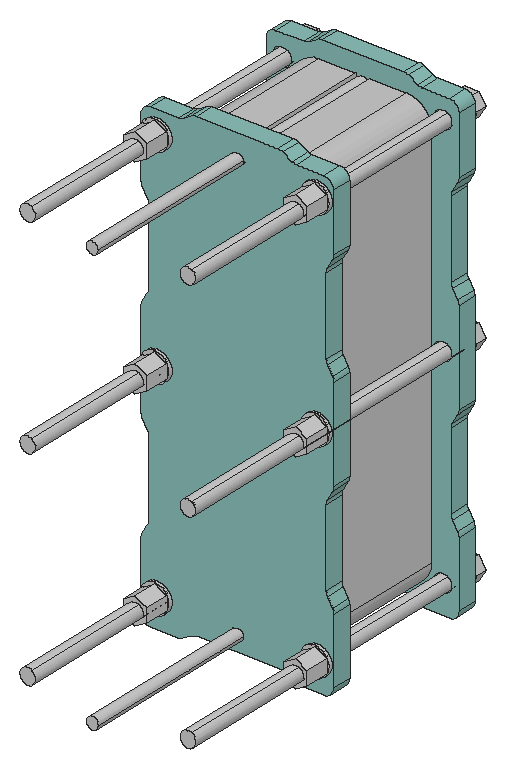
Revit family "Ekin_Endüstriyel - MIT504", category Specialty Equipment, Revit 2022
Family settings
  Round Connector Dimension = Use Diameter
  Part Type = Normal
  Work Plane-Based = No
  Always vertical = No
  Cut with Voids When Loaded = No
  Maintain Annotation Orientation = No
  Shared = No
  Room Calculation Point = No
Parameters (values of type "Threaded")
  URL = "https://en.ekinendustriyel.com/plate-heat-exchanger"
  Type Comments = ""
  Tightening Bolt [instance] = if(Design Pressure < 10.0 bar, 16.00 mm, 16.00 mm)  # 16.00 mm
  Thickness_of_Plate = 0.50 mm  # constant formula
  Number_of_Plate [instance] = 50
  Model = if(Hygienic, if(Design Pressure < 11.0 bar, "H12340000DD30L", if(Design Pressure < 16.0 bar, " H12340000DD30M", " H12340000DD30H")), if(Design Pressure < 10.0 bar, "E12340000DD30L", if(Design Pressure < 16.0 bar, " E12340000DD30M", " E12340000DD30H")))  # " E12340000DD30M"
  Material = Galvanized Steel- S235JR
  Manufacturer = "Ekin Endüstriyel"
  Lk [instance] = (Number_of_Plate) * ((Thickness_of_Plate) + 2.35 mm)  # 142.50 mm
  Lh [instance] = 490.00 mm  # constant formula
  Lf [instance] = 490.00 mm  # constant formula
  Lc [instance] = if(Number_of_Plate < 46, 250.00 mm, if(Number_of_Plate < 76, 350.00 mm, if(Number_of_Plate < 111, 500.00 mm, 750.00 mm)))  # 350.00 mm
  La [instance] = 200.00 mm  # constant formula
  Keynote = ""
  Industrial = not(Hygienic)  # yes
  Hygienic = no
  Head & Follower Plate [instance] = if(Design Pressure < 10.0 bar, 15.00 mm, 20.00 mm)  # 20.00 mm
  Follower Plate [instance] = -(Head & Follower Plate)  # -20.00 mm
  Design Pressure = 15 bar
  Description = if(Design Pressure < 10.0663 bar, "MIT - Heat Exchanger - 10 bar", if(Design Pressure < 15.9958 bar, " MIT - Heat Exchanger - 16 bar", " MIT - Heat Exchanger - 25 bar"))  # " MIT - Heat Exchanger - 16 bar"
  Default Elevation = 0.00 mm
Reference planes
  plane 1 "Center (Front/Back)": y = 0
  plane 2: z = 0
  plane 3 "Center (Left/Right)": x = 0
  plane 4: x = 1160
  plane 5: x = -1000
  plane 6 "2": y = -162.5
  plane 7 "1": y = -20
  plane 8 "3": y = -370
  plane 9 "Bolt End": y = 18.7
  plane 10: y = -350
Forms (mm)
  Extrusion 1, solid, material "Galvanized Steel", detail levels fine
    sketch origin (4.063, 0, 0) x (1, 0, 0) y (0, 0, 1)
      loop
        arc (-46.384, 490) -> (-48.972, 489.659) -> (-51.384, 488.66) r 10
        line (-51.384, 488.66) -> (-60.599, 483.34)
        arc (-60.599, 483.34) -> (-63.011, 482.341) -> (-65.599, 482) r 10
        line (-65.599, 482) -> (-94.063, 482)
        arc (-94.063, 482) -> (-101.134, 479.071) -> (-104.063, 472) r 10
        line (-104.063, 472) -> (-104.063, 411.715)
        arc (-104.063, 411.715) -> (-103.722, 409.127) -> (-102.723, 406.715) r 10
        line (-102.723, 406.715) -> (-97.403, 397.5)
        arc (-97.403, 397.5) -> (-96.404, 395.088) -> (-96.063, 392.5) r 10
        line (-96.063, 392.5) -> (-96.063, 312.5)
        arc (-96.063, 312.5) -> (-96.404, 309.912) -> (-97.403, 307.5) r 10
        line (-97.403, 307.5) -> (-102.723, 298.285)
        arc (-102.723, 298.285) -> (-103.722, 295.873) -> (-104.063, 293.285) r 10
        line (-104.063, 293.285) -> (-104.063, 196.715)
        arc (-104.063, 196.715) -> (-103.722, 194.127) -> (-102.723, 191.715) r 10
        line (-102.723, 191.715) -> (-97.403, 182.5)
        arc (-97.403, 182.5) -> (-96.404, 180.088) -> (-96.063, 177.5) r 10
        line (-96.063, 177.5) -> (-96.063, 97.5)
        arc (-96.063, 97.5) -> (-96.404, 94.912) -> (-97.403, 92.5) r 10
        line (-97.403, 92.5) -> (-102.723, 83.285)
        arc (-102.723, 83.285) -> (-103.722, 80.873) -> (-104.063, 78.285) r 10
        line (-104.063, 78.285) -> (-104.063, 10)
        arc (-104.063, 10) -> (-101.134, 2.929) -> (-94.063, 0) r 10
        line (-94.063, 0) -> (-65.599, 0)
        arc (-65.599, 0) -> (-63.011, 0.341) -> (-60.599, 1.34) r 10
        line (-60.599, 1.34) -> (-51.384, 6.66)
        arc (-51.384, 6.66) -> (-48.972, 7.659) -> (-46.384, 8) r 10
        line (-46.384, 8) -> (38.257, 8)
        arc (38.257, 8) -> (40.846, 7.659) -> (43.257, 6.66) r 10
        line (43.257, 6.66) -> (52.473, 1.34)
        arc (52.473, 1.34) -> (54.885, 0.341) -> (57.473, 0) r 10
        line (57.473, 0) -> (85.937, 0)
        arc (85.937, 0) -> (93.008, 2.929) -> (95.937, 10) r 10
        line (95.937, 10) -> (95.937, 78.285)
        arc (95.937, 78.285) -> (95.596, 80.873) -> (94.597, 83.285) r 10
        line (94.597, 83.285) -> (89.277, 92.5)
        arc (89.277, 92.5) -> (88.278, 94.912) -> (87.937, 97.5) r 10
        line (87.937, 97.5) -> (87.937, 177.5)
        arc (87.937, 177.5) -> (88.278, 180.088) -> (89.277, 182.5) r 10
        line (89.277, 182.5) -> (94.597, 191.715)
        arc (94.597, 191.715) -> (95.596, 194.127) -> (95.937, 196.715) r 10
        line (95.937, 196.715) -> (95.937, 293.285)
        arc (95.937, 293.285) -> (95.596, 295.873) -> (94.597, 298.285) r 10
        line (94.597, 298.285) -> (89.277, 307.5)
        arc (89.277, 307.5) -> (88.278, 309.912) -> (87.937, 312.5) r 10
        line (87.937, 312.5) -> (87.937, 392.5)
        arc (87.937, 392.5) -> (88.278, 395.088) -> (89.277, 397.5) r 10
        line (89.277, 397.5) -> (94.597, 406.715)
        arc (94.597, 406.715) -> (95.596, 409.127) -> (95.937, 411.715) r 10
        line (95.937, 411.715) -> (95.937, 472)
        arc (95.937, 472) -> (93.008, 479.071) -> (85.937, 482) r 10
        line (85.937, 482) -> (57.473, 482)
        arc (57.473, 482) -> (54.885, 482.341) -> (52.473, 483.34) r 10
        line (52.473, 483.34) -> (43.257, 488.66)
        arc (43.257, 488.66) -> (40.846, 489.659) -> (38.257, 490) r 10
        line (38.257, 490) -> (-46.384, 490)
      loop
        circle (78.937, 460) r 9.5
      loop
        circle (-4.063, 465.5) r 6
      loop
        circle (78.937, 245) r 9.5
      loop
        circle (78.937, 30) r 9.5
      loop
        circle (31.937, 54) r 21.25
      loop
        circle (31.937, 436) r 21.25
      loop
        circle (-87.063, 460) r 9.5
      loop
        circle (-87.063, 245) r 9.5
      loop
        circle (-87.063, 30) r 9.5
      loop
        circle (-40.063, 54) r 21.25
      loop
        circle (-40.063, 436) r 21.25
      loop
        circle (-4.063, 24.5) r 6
    from 0 to 20
  Extrusion 2, solid, material "Galvanized Steel", detail levels fine
    sketch origin (4.063, -162.5, 0) x (-1, 0, 0) y (0, 0, 1)
      loop
        line (46.384, 490) -> (-38.257, 490)
        arc (-38.257, 490) -> (-40.846, 489.659) -> (-43.257, 488.66) r 10
        line (-43.257, 488.66) -> (-52.473, 483.34)
        arc (-52.473, 483.34) -> (-54.885, 482.341) -> (-57.473, 482) r 10
        line (-57.473, 482) -> (-85.937, 482)
        arc (-85.937, 482) -> (-93.008, 479.071) -> (-95.937, 472) r 10
        line (-95.937, 472) -> (-95.937, 411.715)
        arc (-95.937, 411.715) -> (-95.596, 409.127) -> (-94.597, 406.715) r 10
        line (-94.597, 406.715) -> (-89.277, 397.5)
        arc (-89.277, 397.5) -> (-88.278, 395.088) -> (-87.937, 392.5) r 10
        line (-87.937, 392.5) -> (-87.937, 312.5)
        arc (-87.937, 312.5) -> (-88.278, 309.912) -> (-89.277, 307.5) r 10
        line (-89.277, 307.5) -> (-94.597, 298.285)
        arc (-94.597, 298.285) -> (-95.596, 295.873) -> (-95.937, 293.285) r 10
        line (-95.937, 293.285) -> (-95.937, 196.715)
        arc (-95.937, 196.715) -> (-95.596, 194.127) -> (-94.597, 191.715) r 10
        line (-94.597, 191.715) -> (-89.277, 182.5)
        arc (-89.277, 182.5) -> (-88.278, 180.088) -> (-87.937, 177.5) r 10
        line (-87.937, 177.5) -> (-87.937, 97.5)
        arc (-87.937, 97.5) -> (-88.278, 94.912) -> (-89.277, 92.5) r 10
        line (-89.277, 92.5) -> (-94.597, 83.285)
        arc (-94.597, 83.285) -> (-95.596, 80.873) -> (-95.937, 78.285) r 10
        line (-95.937, 78.285) -> (-95.937, 10)
        arc (-95.937, 10) -> (-93.008, 2.929) -> (-85.937, 0) r 10
        line (-85.937, 0) -> (-57.473, 0)
        arc (-57.473, 0) -> (-54.885, 0.341) -> (-52.473, 1.34) r 10
        line (-52.473, 1.34) -> (-43.257, 6.66)
        arc (-43.257, 6.66) -> (-40.846, 7.659) -> (-38.257, 8) r 10
        line (-38.257, 8) -> (46.384, 8)
        arc (46.384, 8) -> (48.972, 7.659) -> (51.384, 6.66) r 10
        line (51.384, 6.66) -> (60.599, 1.34)
        arc (60.599, 1.34) -> (63.011, 0.341) -> (65.599, 0) r 10
        line (65.599, 0) -> (94.063, 0)
        arc (94.063, 0) -> (101.134, 2.929) -> (104.063, 10) r 10
        line (104.063, 10) -> (104.063, 78.285)
        arc (104.063, 78.285) -> (103.722, 80.873) -> (102.723, 83.285) r 10
        line (102.723, 83.285) -> (97.403, 92.5)
        arc (97.403, 92.5) -> (96.404, 94.912) -> (96.063, 97.5) r 10
        line (96.063, 97.5) -> (96.063, 177.5)
        arc (96.063, 177.5) -> (96.404, 180.088) -> (97.403, 182.5) r 10
        line (97.403, 182.5) -> (102.723, 191.715)
        arc (102.723, 191.715) -> (103.722, 194.127) -> (104.063, 196.715) r 10
        line (104.063, 196.715) -> (104.063, 293.285)
        arc (104.063, 293.285) -> (103.722, 295.873) -> (102.723, 298.285) r 10
        line (102.723, 298.285) -> (97.403, 307.5)
        arc (97.403, 307.5) -> (96.404, 309.912) -> (96.063, 312.5) r 10
        line (96.063, 312.5) -> (96.063, 392.5)
        arc (96.063, 392.5) -> (96.404, 395.088) -> (97.403, 397.5) r 10
        line (97.403, 397.5) -> (102.723, 406.715)
        arc (102.723, 406.715) -> (103.722, 409.127) -> (104.063, 411.715) r 10
        line (104.063, 411.715) -> (104.063, 472)
        arc (104.063, 472) -> (101.134, 479.071) -> (94.063, 482) r 10
        line (94.063, 482) -> (65.599, 482)
        arc (65.599, 482) -> (63.011, 482.341) -> (60.599, 483.34) r 10
        line (60.599, 483.34) -> (51.384, 488.66)
        arc (51.384, 488.66) -> (48.972, 489.659) -> (46.384, 490) r 10
      loop
        circle (-78.937, 460) r 9.5
      loop
        circle (4.063, 465.5) r 6
      loop
        circle (-78.937, 245) r 9.5
      loop
        circle (-78.937, 30) r 9.5
      loop
        circle (87.063, 460) r 9.5
      loop
        circle (87.063, 245) r 9.5
      loop
        circle (87.063, 30) r 9.5
      loop
        circle (4.063, 24.5) r 6
    from 0 to -20 <- "Follower Plate"
  Extrusion 3, solid, material "AISI 316L/Titanium/Hastelloy", detail levels fine
    sketch origin (0, -20, 0) x (-1, 0, 0) y (0, 0, 1)
      loop
        line (-7.25, 471.5) -> (-45.5, 471.5)
        arc (-45.5, 471.5) -> (-63.178, 464.178) -> (-70.5, 446.5) r 25
        line (-70.5, 446.5) -> (-70.5, 43.5)
        arc (-70.5, 43.5) -> (-63.178, 25.822) -> (-45.5, 18.5) r 25
        line (-45.5, 18.5) -> (-7.25, 18.5) -> (-7.25, 25)
        arc (-7.25, 25) -> (0, 32.25) -> (7.25, 25) r 7.25
        line (7.25, 25) -> (7.25, 18.5) -> (45.5, 18.5)
        arc (45.5, 18.5) -> (63.178, 25.822) -> (70.5, 43.5) r 25
        line (70.5, 43.5) -> (70.5, 446.5)
        arc (70.5, 446.5) -> (63.178, 464.178) -> (45.5, 471.5) r 25
        line (45.5, 471.5) -> (7.25, 471.5) -> (7.25, 465)
        arc (7.25, 465) -> (0, 457.75) -> (-7.25, 465) r 7.25
        line (-7.25, 465) -> (-7.25, 471.5)
    from 0 to -142.5
  Extrusion 4, solid, material "Galvanized Steel- S235JR", detail levels fine
    sketch origin (0, 0, 0) x (1, 0, 0) y (0, 0, 1)
      loop
        circle (0, 465.5) r 6
      loop
        circle (0, 24.5) r 6
    from 0 to 370
  Extrusion 5, solid, material "Galvanized Steel- S235JR", detail levels fine
    sketch origin (0, 0, 0) x (1, 0, 0) y (0, 0, 1)
      loop
        circle (83, 460) r 8
      loop
        circle (83, 245) r 8
      loop
        circle (83, 30) r 8
      loop
        circle (-83, 30) r 8
      loop
        circle (-83, 245) r 8
      loop
        circle (-83, 460) r 8
    from 0 to 350
  Extrusion 6, solid, material "Galvanized Steel- S235JR", detail levels fine
    sketch origin (0, 0, 0) x (1, 0, 0) y (0, 0, 1)
      loop
        circle (-83, 460) r 15
      loop
        circle (-83, 245) r 15
      loop
        circle (-83, 30) r 15
      loop
        circle (83, 30) r 15
      loop
        circle (83, 245) r 15
      loop
        circle (83, 460) r 15
    from 0 to -3.2
  Extrusion 7, solid, material "Galvanized Steel- S235JR", detail levels fine
    sketch origin (4.063, -182.5, 0) x (1, 0, 0) y (0, 0, 1)
      loop
        line (90.937, 453.072) -> (90.937, 466.928) -> (78.937, 473.856) -> (66.937, 466.928) -> (66.937, 453.072) -> (78.937, 446.144) -> (90.937, 453.072)
      loop
        line (-99.063, 453.072) -> (-87.063, 446.144) -> (-75.063, 453.072) -> (-75.063, 466.928) -> (-87.063, 473.856) -> (-99.063, 466.928) -> (-99.063, 453.072)
      loop
        line (90.937, 36.928) -> (78.937, 43.856) -> (66.937, 36.928) -> (66.937, 23.072) -> (78.937, 16.144) -> (90.937, 23.072) -> (90.937, 36.928)
      loop
        line (-99.063, 36.928) -> (-99.063, 23.072) -> (-87.063, 16.144) -> (-75.063, 23.072) -> (-75.063, 36.928) -> (-87.063, 43.856) -> (-99.063, 36.928)
      loop
        line (90.937, 251.928) -> (78.937, 258.856) -> (66.937, 251.928) -> (66.937, 238.072) -> (78.937, 231.144) -> (90.937, 238.072) -> (90.937, 251.928)
      loop
        line (-99.063, 251.928) -> (-99.063, 238.072) -> (-87.063, 231.144) -> (-75.063, 238.072) -> (-75.063, 251.928) -> (-87.063, 258.856) -> (-99.063, 251.928)
    from 3.2 to 28.7
  Extrusion 8, solid, material "Galvanized Steel- S235JR", detail levels fine
    sketch origin (4.063, -182.5, 0) x (1, 0, 0) y (0, 0, 1)
      loop
        circle (78.937, 460) r 15
      loop
        circle (-87.063, 460) r 15
      loop
        circle (-87.063, 245) r 15
      loop
        circle (78.937, 245) r 15
      loop
        circle (78.937, 30) r 15
      loop
        circle (-87.063, 30) r 15
    from 3.2 to 0
  Revolve 9, solid, material "Painted Stell", detail levels fine
    sketch origin (11, -12.95, 54.004) x (0, -1, 0) y (1, 0, 0)
      loop
        line (-47.89, 45.503) -> (-47.89, 43.573) -> (-45.07, 42.376) -> (7.05, 42.376) -> (7.05, 40.74) -> (149.55, 40.74) -> (149.55, 46.201) -> (-28.39, 46.201) -> (-28.903, 45.611) -> (-29.416, 46.201) -> (-29.929, 45.611) -> (-30.442, 46.201) -> (-30.955, 45.611) -> (-31.468, 46.201) -> (-31.98, 45.611) -> (-32.493, 46.201) -> (-33.006, 45.611) -> (-33.519, 46.201) -> (-34.032, 45.611) -> (-34.545, 46.201) -> (-35.178, 45.611) -> (-35.691, 46.201) -> (-36.204, 45.611) -> (-36.716, 46.201) -> (-37.229, 45.611) -> (-37.742, 46.201) -> (-38.255, 45.611) -> (-38.768, 46.201) -> (-39.281, 45.611) -> (-39.794, 46.201) -> (-40.307, 45.611) -> (-40.82, 46.201) -> (-41.333, 45.611) -> (-41.845, 46.201) -> (-42.358, 45.611) -> (-42.871, 46.201) -> (-43.384, 45.611) -> (-43.897, 46.201) -> (-44.41, 45.611) -> (-44.923, 46.201) -> (-45.436, 45.611) -> (-45.949, 46.201) -> (-46.462, 45.611) -> (-47.116, 46.201) -> (-47.89, 45.503)
      axis (149.55, 25) -> (-47.89, 25)
    angle from 0 to 360
  Extrusion 10, solid, material "Galvanized Steel- S235JR", detail levels fine
    sketch origin (0, 0, 0) x (1, 0, 0) y (0, 0, 1)
      loop
        line (-89.802, 472.072) -> (-96.856, 460.146) -> (-90.054, 448.074) -> (-76.198, 447.928) -> (-69.144, 459.854) -> (-75.946, 471.926) -> (-89.802, 472.072)
      loop
        line (89.802, 472.072) -> (75.946, 471.926) -> (69.144, 459.854) -> (76.198, 447.928) -> (90.054, 448.074) -> (96.856, 460.146) -> (89.802, 472.072)
      loop
        line (-89.802, 17.928) -> (-75.946, 18.074) -> (-69.144, 30.146) -> (-76.198, 42.072) -> (-90.054, 41.926) -> (-96.856, 29.854) -> (-89.802, 17.928)
      loop
        line (89.802, 17.928) -> (96.856, 29.854) -> (90.054, 41.926) -> (76.198, 42.072) -> (69.144, 30.146) -> (75.946, 18.074) -> (89.802, 17.928)
      loop
        line (-89.802, 232.928) -> (-75.946, 233.074) -> (-69.144, 245.146) -> (-76.198, 257.072) -> (-90.054, 256.926) -> (-96.856, 244.854) -> (-89.802, 232.928)
      loop
        line (89.802, 232.928) -> (96.856, 244.854) -> (90.054, 256.926) -> (76.198, 257.072) -> (69.144, 245.146) -> (75.946, 233.074) -> (89.802, 232.928)
    from -17.7 to -3.2
  Revolve 11, solid, material "Painted Stell", detail levels fine
    sketch origin (-11, -12.95, 54.004) x (0, 1, 0) y (-1, 0, 0)
      loop
        line (47.89, 45.503) -> (47.116, 46.201) -> (46.462, 45.611) -> (45.949, 46.201) -> (45.436, 45.611) -> (44.923, 46.201) -> (44.41, 45.611) -> (43.897, 46.201) -> (43.384, 45.611) -> (42.871, 46.201) -> (42.358, 45.611) -> (41.845, 46.201) -> (41.333, 45.611) -> (40.82, 46.201) -> (40.307, 45.611) -> (39.794, 46.201) -> (39.281, 45.611) -> (38.768, 46.201) -> (38.255, 45.611) -> (37.742, 46.201) -> (37.229, 45.611) -> (36.716, 46.201) -> (36.204, 45.611) -> (35.691, 46.201) -> (35.178, 45.611) -> (34.545, 46.201) -> (34.032, 45.611) -> (33.519, 46.201) -> (33.006, 45.611) -> (32.493, 46.201) -> (31.98, 45.611) -> (31.468, 46.201) -> (30.955, 45.611) -> (30.442, 46.201) -> (29.929, 45.611) -> (29.416, 46.201) -> (28.903, 45.611) -> (28.39, 46.201) -> (-149.55, 46.201) -> (-149.55, 40.74) -> (-7.05, 40.74) -> (-7.05, 42.376) -> (45.07, 42.376) -> (47.89, 43.573) -> (47.89, 45.503)
      axis (-149.55, 25) -> (47.89, 25)
    angle from 0 to 360
  Revolve 12, solid, material "Painted Stell", detail levels fine
    sketch origin (11, -12.95, 435.996) x (1, 0, 0) y (0, 1, 0)
      loop
        line (45.503, 47.89) -> (43.573, 47.89) -> (42.376, 45.07) -> (42.376, -7.05) -> (40.74, -7.05) -> (40.74, -149.55) -> (46.201, -149.55) -> (46.201, 28.39) -> (45.611, 28.903) -> (46.201, 29.416) -> (45.611, 29.929) -> (46.201, 30.442) -> (45.611, 30.955) -> (46.201, 31.468) -> (45.611, 31.98) -> (46.201, 32.493) -> (45.611, 33.006) -> (46.201, 33.519) -> (45.611, 34.032) -> (46.201, 34.545) -> (45.611, 35.178) -> (46.201, 35.691) -> (45.611, 36.204) -> (46.201, 36.716) -> (45.611, 37.229) -> (46.201, 37.742) -> (45.611, 38.255) -> (46.201, 38.768) -> (45.611, 39.281) -> (46.201, 39.794) -> (45.611, 40.307) -> (46.201, 40.82) -> (45.611, 41.333) -> (46.201, 41.845) -> (45.611, 42.358) -> (46.201, 42.871) -> (45.611, 43.384) -> (46.201, 43.897) -> (45.611, 44.41) -> (46.201, 44.923) -> (45.611, 45.436) -> (46.201, 45.949) -> (45.611, 46.462) -> (46.201, 47.116) -> (45.503, 47.89)
      axis (25, -149.55) -> (25, 47.89)
    angle from 0 to 360
  Revolve 13, solid, material "Painted Stell", detail levels fine
    sketch origin (-11, -12.95, 435.996) x (-1, 0, 0) y (0, -1, 0)
      loop
        line (45.503, -47.89) -> (46.201, -47.116) -> (45.611, -46.462) -> (46.201, -45.949) -> (45.611, -45.436) -> (46.201, -44.923) -> (45.611, -44.41) -> (46.201, -43.897) -> (45.611, -43.384) -> (46.201, -42.871) -> (45.611, -42.358) -> (46.201, -41.845) -> (45.611, -41.333) -> (46.201, -40.82) -> (45.611, -40.307) -> (46.201, -39.794) -> (45.611, -39.281) -> (46.201, -38.768) -> (45.611, -38.255) -> (46.201, -37.742) -> (45.611, -37.229) -> (46.201, -36.716) -> (45.611, -36.204) -> (46.201, -35.691) -> (45.611, -35.178) -> (46.201, -34.545) -> (45.611, -34.032) -> (46.201, -33.519) -> (45.611, -33.006) -> (46.201, -32.493) -> (45.611, -31.98) -> (46.201, -31.468) -> (45.611, -30.955) -> (46.201, -30.442) -> (45.611, -29.929) -> (46.201, -29.416) -> (45.611, -28.903) -> (46.201, -28.39) -> (46.201, 149.55) -> (40.74, 149.55) -> (40.74, 7.05) -> (42.376, 7.05) -> (42.376, -45.07) -> (43.573, -47.89) -> (45.503, -47.89)
      axis (25, 149.55) -> (25, -47.89)
    angle from 0 to 360
  Extrusion 14, solid, material "Galvanized Steel", detail levels medium
    sketch origin (4.063, 0, 0) x (1, 0, 0) y (0, 0, 1)
      loop
        arc (-46.384, 490) -> (-48.972, 489.659) -> (-51.384, 488.66) r 10
        line (-51.384, 488.66) -> (-60.599, 483.34)
        arc (-60.599, 483.34) -> (-63.011, 482.341) -> (-65.599, 482) r 10
        line (-65.599, 482) -> (-94.063, 482)
        arc (-94.063, 482) -> (-101.134, 479.071) -> (-104.063, 472) r 10
        line (-104.063, 472) -> (-104.063, 10)
        arc (-104.063, 10) -> (-101.134, 2.929) -> (-94.063, 0) r 10
        line (-94.063, 0) -> (-65.599, 0)
        arc (-65.599, 0) -> (-63.011, 0.341) -> (-60.599, 1.34) r 10
        line (-60.599, 1.34) -> (-51.384, 6.66)
        arc (-51.384, 6.66) -> (-48.972, 7.659) -> (-46.384, 8) r 10
        line (-46.384, 8) -> (38.257, 8)
        arc (38.257, 8) -> (40.846, 7.659) -> (43.257, 6.66) r 10
        line (43.257, 6.66) -> (52.473, 1.34)
        arc (52.473, 1.34) -> (54.885, 0.341) -> (57.473, 0) r 10
        line (57.473, 0) -> (85.937, 0)
        arc (85.937, 0) -> (93.008, 2.929) -> (95.937, 10) r 10
        line (95.937, 10) -> (95.937, 472)
        arc (95.937, 472) -> (93.008, 479.071) -> (85.937, 482) r 10
        line (85.937, 482) -> (57.473, 482)
        arc (57.473, 482) -> (54.885, 482.341) -> (52.473, 483.34) r 10
        line (52.473, 483.34) -> (43.257, 488.66)
        arc (43.257, 488.66) -> (40.846, 489.659) -> (38.257, 490) r 10
        line (38.257, 490) -> (-46.384, 490)
      loop
        circle (78.937, 460) r 9.5
      loop
        circle (-4.063, 465.5) r 6
      loop
        circle (78.937, 245) r 9.5
      loop
        circle (78.937, 30) r 9.5
      loop
        circle (31.937, 54) r 21.25
      loop
        circle (31.937, 436) r 21.25
      loop
        circle (-87.063, 460) r 9.5
      loop
        circle (-87.063, 245) r 9.5
      loop
        circle (-87.063, 30) r 9.5
      loop
        circle (-40.063, 54) r 21.25
      loop
        circle (-40.063, 436) r 21.25
      loop
        circle (-4.063, 24.5) r 6
    from 0 to 20
  Extrusion 15, solid, material "Galvanized Steel", detail levels medium
    sketch origin (4.063, -162.5, 0) x (-1, 0, 0) y (0, 0, 1)
      loop
        line (46.384, 490) -> (-38.257, 490)
        arc (-38.257, 490) -> (-40.846, 489.659) -> (-43.257, 488.66) r 10
        line (-43.257, 488.66) -> (-52.473, 483.34)
        arc (-52.473, 483.34) -> (-54.885, 482.341) -> (-57.473, 482) r 10
        line (-57.473, 482) -> (-85.937, 482)
        arc (-85.937, 482) -> (-93.008, 479.071) -> (-95.937, 472) r 10
        line (-95.937, 472) -> (-95.937, 10)
        arc (-95.937, 10) -> (-93.008, 2.929) -> (-85.937, 0) r 10
        line (-85.937, 0) -> (-57.473, 0)
        arc (-57.473, 0) -> (-54.885, 0.341) -> (-52.473, 1.34) r 10
        line (-52.473, 1.34) -> (-43.257, 6.66)
        arc (-43.257, 6.66) -> (-40.846, 7.659) -> (-38.257, 8) r 10
        line (-38.257, 8) -> (46.384, 8)
        arc (46.384, 8) -> (48.972, 7.659) -> (51.384, 6.66) r 10
        line (51.384, 6.66) -> (60.599, 1.34)
        arc (60.599, 1.34) -> (63.011, 0.341) -> (65.599, 0) r 10
        line (65.599, 0) -> (94.063, 0)
        arc (94.063, 0) -> (101.134, 2.929) -> (104.063, 10) r 10
        line (104.063, 10) -> (104.063, 472)
        arc (104.063, 472) -> (101.134, 479.071) -> (94.063, 482) r 10
        line (94.063, 482) -> (65.599, 482)
        arc (65.599, 482) -> (63.011, 482.341) -> (60.599, 483.34) r 10
        line (60.599, 483.34) -> (51.384, 488.66)
        arc (51.384, 488.66) -> (48.972, 489.659) -> (46.384, 490) r 10
      loop
        circle (-78.937, 460) r 9.5
      loop
        circle (4.063, 465.5) r 6
      loop
        circle (-78.937, 245) r 9.5
      loop
        circle (-78.937, 30) r 9.5
      loop
        circle (87.063, 460) r 9.5
      loop
        circle (87.063, 245) r 9.5
      loop
        circle (87.063, 30) r 9.5
      loop
        circle (4.063, 24.5) r 6
    from 0 to -20 <- "Follower Plate"
  Extrusion 16, solid, material "AISI 316L/Titanium/Hastelloy", detail levels medium
    sketch origin (0, -20, 0) x (-1, 0, 0) y (0, 0, 1)
      loop
        line (-7.25, 471.5) -> (-45.5, 471.5) -> (-70.5, 446.5) -> (-70.5, 43.5) -> (-45.5, 18.5) -> (-7.25, 18.5) -> (-7.25, 25)
        arc (-7.25, 25) -> (0, 32.25) -> (7.25, 25) r 7.25
        line (7.25, 25) -> (7.25, 18.5) -> (45.5, 18.5) -> (70.5, 43.5) -> (70.5, 446.5) -> (45.5, 471.5) -> (7.25, 471.5) -> (7.25, 465)
        arc (7.25, 465) -> (0, 457.75) -> (-7.25, 465) r 7.25
        line (-7.25, 465) -> (-7.25, 471.5)
    from 0 to -142.5
  Extrusion 17, solid, material "Galvanized Steel- S235JR", detail levels medium
    sketch origin (0, 0, 0) x (1, 0, 0) y (0, 0, 1)
      loop
        circle (0, 465.5) r 6
      loop
        circle (0, 24.5) r 6
    from 0 to 370
  Extrusion 18, solid, material "Galvanized Steel- S235JR", detail levels medium
    sketch origin (0, 0, 0) x (1, 0, 0) y (0, 0, 1)
      loop
        circle (83, 460) r 8
      loop
        circle (83, 245) r 8
      loop
        circle (83, 30) r 8
      loop
        circle (-83, 30) r 8
      loop
        circle (-83, 245) r 8
      loop
        circle (-83, 460) r 8
    from 0 to 350
  Extrusion 19, solid, material "Galvanized Steel- S235JR", detail levels medium
    sketch origin (0, 0, 0) x (1, 0, 0) y (0, 0, 1)
      loop
        circle (-83, 460) r 15
      loop
        circle (-83, 245) r 15
      loop
        circle (-83, 30) r 15
      loop
        circle (83, 30) r 15
      loop
        circle (83, 245) r 15
      loop
        circle (83, 460) r 15
    from 0 to -3.2
  Revolve 20, solid, material "Painted Stell", detail levels medium
    sketch origin (11, -12.95, 54.004) x (0, -1, 0) y (1, 0, 0)
      loop
        line (-47.89, 46.201) -> (-47.89, 42.376) -> (7.05, 42.376) -> (7.05, 40.74) -> (149.55, 40.74) -> (149.55, 46.201) -> (-47.89, 46.201)
      axis (149.55, 25) -> (-47.89, 25)
    angle from 0 to 360
  Extrusion 21, solid, material "Galvanized Steel- S235JR", detail levels medium
    sketch origin (0, 0, 0) x (1, 0, 0) y (0, 0, 1)
      loop
        line (-89.802, 472.072) -> (-96.856, 460.146) -> (-90.054, 448.074) -> (-76.198, 447.928) -> (-69.144, 459.854) -> (-75.946, 471.926) -> (-89.802, 472.072)
      loop
        line (89.802, 472.072) -> (75.946, 471.926) -> (69.144, 459.854) -> (76.198, 447.928) -> (90.054, 448.074) -> (96.856, 460.146) -> (89.802, 472.072)
      loop
        line (-89.802, 17.928) -> (-75.946, 18.074) -> (-69.144, 30.146) -> (-76.198, 42.072) -> (-90.054, 41.926) -> (-96.856, 29.854) -> (-89.802, 17.928)
      loop
        line (89.802, 17.928) -> (96.856, 29.854) -> (90.054, 41.926) -> (76.198, 42.072) -> (69.144, 30.146) -> (75.946, 18.074) -> (89.802, 17.928)
      loop
        line (-89.802, 232.928) -> (-75.946, 233.074) -> (-69.144, 245.146) -> (-76.198, 257.072) -> (-90.054, 256.926) -> (-96.856, 244.854) -> (-89.802, 232.928)
      loop
        line (89.802, 232.928) -> (96.856, 244.854) -> (90.054, 256.926) -> (76.198, 257.072) -> (69.144, 245.146) -> (75.946, 233.074) -> (89.802, 232.928)
    from -17.7 to -3.2
  Revolve 22, solid, material "Painted Stell", detail levels medium
    sketch origin (-11, -12.95, 54.004) x (0, 1, 0) y (-1, 0, 0)
      loop
        line (47.89, 46.201) -> (-149.55, 46.201) -> (-149.55, 40.74) -> (-7.05, 40.74) -> (-7.05, 42.376) -> (47.89, 42.376) -> (47.89, 46.201)
      axis (-149.55, 25) -> (47.89, 25)
    angle from 0 to 360
  Revolve 23, solid, material "Painted Stell", detail levels medium
    sketch origin (11, -12.95, 435.996) x (1, 0, 0) y (0, 1, 0)
      loop
        line (46.201, 47.89) -> (42.376, 47.89) -> (42.376, -7.05) -> (40.74, -7.05) -> (40.74, -149.55) -> (46.201, -149.55) -> (46.201, 47.89)
      axis (25, -149.55) -> (25, 47.89)
    angle from 0 to 360
  Revolve 24, solid, material "Painted Stell", detail levels medium
    sketch origin (-11, -12.95, 435.996) x (-1, 0, 0) y (0, -1, 0)
      loop
        line (46.201, -47.89) -> (46.201, 149.55) -> (40.74, 149.55) -> (40.74, 7.05) -> (42.376, 7.05) -> (42.376, -47.89) -> (46.201, -47.89)
      axis (25, 149.55) -> (25, -47.89)
    angle from 0 to 360
  Extrusion 25, solid, material "Galvanized Steel", detail levels coarse
    sketch origin (4.063, 0, 0) x (1, 0, 0) y (0, 0, 1)
      loop
        line (-104.063, 490) -> (-104.063, 0) -> (95.937, 0) -> (95.937, 490) -> (-104.063, 490)
      loop
        circle (78.937, 460) r 9.5
      loop
        circle (-4.063, 465.5) r 6
      loop
        circle (78.937, 245) r 9.5
      loop
        circle (78.937, 30) r 9.5
      loop
        circle (31.937, 54) r 21.25
      loop
        circle (31.937, 436) r 21.25
      loop
        circle (-87.063, 460) r 9.5
      loop
        circle (-87.063, 245) r 9.5
      loop
        circle (-87.063, 30) r 9.5
      loop
        circle (-40.063, 54) r 21.25
      loop
        circle (-40.063, 436) r 21.25
      loop
        circle (-4.063, 24.5) r 6
    from 0 to 20
  Extrusion 26, solid, material "Galvanized Steel", detail levels coarse
    sketch origin (4.063, -162.5, 0) x (-1, 0, 0) y (0, 0, 1)
      loop
        line (104.063, 490) -> (-95.937, 490) -> (-95.937, 0) -> (104.063, 0) -> (104.063, 490)
      loop
        circle (-78.937, 460) r 9.5
      loop
        circle (4.063, 465.5) r 6
      loop
        circle (-78.937, 245) r 9.5
      loop
        circle (-78.937, 30) r 9.5
      loop
        circle (87.063, 460) r 9.5
      loop
        circle (87.063, 245) r 9.5
      loop
        circle (87.063, 30) r 9.5
      loop
        circle (4.063, 24.5) r 6
    from 0 to -20 <- "Follower Plate"
  Extrusion 27, solid, material "AISI 316L/Titanium/Hastelloy", detail levels coarse
    sketch origin (0, -20, 0) x (-1, 0, 0) y (0, 0, 1)
      loop
        line (-7.25, 471.5) -> (-70.5, 471.5) -> (-70.5, 18.5) -> (-7.25, 18.5) -> (-7.25, 25)
        arc (-7.25, 25) -> (0, 32.25) -> (7.25, 25) r 7.25
        line (7.25, 25) -> (7.25, 18.5) -> (70.5, 18.5) -> (70.5, 471.5) -> (7.25, 471.5) -> (7.25, 465)
        arc (7.25, 465) -> (0, 457.75) -> (-7.25, 465) r 7.25
        line (-7.25, 465) -> (-7.25, 471.5)
    from 0 to -142.5
  Extrusion 28, solid, material "Galvanized Steel- S235JR", detail levels coarse
    sketch origin (0, 0, 0) x (1, 0, 0) y (0, 0, 1)
      loop
        circle (0, 465.5) r 6
      loop
        circle (0, 24.5) r 6
    from 0 to 370
  Extrusion 29, solid, material "Galvanized Steel- S235JR", detail levels coarse
    sketch origin (0, 0, 0) x (1, 0, 0) y (0, 0, 1)
      loop
        circle (83, 460) r 8
      loop
        circle (83, 245) r 8
      loop
        circle (83, 30) r 8
      loop
        circle (-83, 30) r 8
      loop
        circle (-83, 245) r 8
      loop
        circle (-83, 460) r 8
    from 0 to 350
  Extrusion 30, solid, material "AISI 316L/Titanium/Hastelloy", detail levels coarse
    sketch origin (4.063, 0, 0) x (-1, 0, 0) y (0, 0, 1)
      loop
        circle (-31.937, 435.996) r 21.201
      loop
        circle (40.063, 435.996) r 21.201
      loop
        circle (40.063, 54.004) r 21.201
      loop
        circle (-31.937, 54.004) r 21.201
    from 0 to 34.94
Dimensions and locks
  "Lk": plane 7 "1" to plane 6 "2"
  "Head & Follower Plate": plane 1 "Center (Front/Back)" to plane 7 "1"
  "Lc": plane 7 "1" to plane 8 "3"
  "Lc": plane 10 to plane 1 "Center (Front/Back)"
  aligned and locked: level to plane 2
  aligned and locked: Extrusion 1 to plane 7 "1"
  aligned and locked: Extrusion 1 to plane 1 "Center (Front/Back)"
  aligned and locked: Extrusion 3 to plane 6 "2"
  aligned and locked: plane 7 "1" to Extrusion 3
  aligned and locked: Extrusion 4 to plane 1 "Center (Front/Back)"
  aligned and locked: plane 10 to Extrusion 5
  aligned and locked: Extrusion 5 to plane 1 "Center (Front/Back)"
  aligned and locked: Revolve 9 sketch curve to Extrusion 2
  aligned and locked: Extrusion 4 to plane 8 "3"
  aligned and locked: Revolve 20 sketch curve to Extrusion 15
  aligned and locked: Extrusion 16 to Extrusion 15
  aligned and locked: Extrusion 27 to Extrusion 26
  aligned and locked: Extrusion 29 to Extrusion 5
  aligned and locked: Extrusion 18 to Extrusion 5
  aligned and locked: Extrusion 17 to Extrusion 4
  aligned and locked: Extrusion 28 to Extrusion 4
  aligned and locked: Revolve 12 sketch curve to Extrusion 1
  aligned and locked: Extrusion 1 to Revolve 13 sketch curve
  aligned and locked: Extrusion 1 to Revolve 11 sketch curve
  aligned and locked: Revolve 23 sketch curve to Extrusion 14
  aligned and locked: Revolve 20 sketch curve to Extrusion 14
  aligned and locked: Extrusion 14 to Revolve 24 sketch curve
  aligned and locked: Extrusion 14 to Revolve 22 sketch curve
Automatic sketch dimensions
  Extrusion 1 sketch curve to Extrusion 1 sketch curve = 0.00 mm  (x25)
  Extrusion 1 sketch curve to level = 0.00 mm  (x2)
  Extrusion 1 sketch curve to plane 3 "Center (Left/Right)" = 0.00 mm  (x2)
  Extrusion 1 sketch curve to plane 3 "Center (Left/Right)" = 36.00 mm  (x2)
  level to Extrusion 1 sketch curve = 8.00 mm
  Extrusion 1 sketch curve to plane 3 "Center (Left/Right)" = 42.321 mm  (x2)
  Extrusion 1 sketch curve to Extrusion 1 sketch curve = 5.00 mm  (x5)
  level to Extrusion 1 sketch curve = 6.66 mm  (x2)
  Extrusion 1 sketch curve to Extrusion 1 sketch curve = 9.215 mm  (x12)
  level to Extrusion 1 sketch curve = 1.34 mm  (x2)
  level to Extrusion 1 sketch curve = 10.00 mm  (x2)
  Extrusion 1 sketch curve to Extrusion 1 sketch curve = 21.464 mm  (x4)
  Extrusion 1 sketch curve to plane 3 "Center (Left/Right)" = 83.00 mm
  Extrusion 1 sketch curve to Extrusion 1 sketch curve = 7.00 mm  (x10)
  Extrusion 1 sketch curve to Extrusion 1 sketch curve = 28.464 mm  (x2)
  Extrusion 1 sketch curve to Extrusion 1 sketch curve = 2.00 mm  (x6)
  Extrusion 1 sketch curve to Extrusion 1 sketch curve = 1.34 mm  (x15)
  Extrusion 1 sketch curve to Extrusion 1 sketch curve = 8.66 mm  (x11)
  Extrusion 1 sketch curve to Extrusion 1 sketch curve = 10.00 mm  (x7)
  plane 3 "Center (Left/Right)" to Extrusion 1 sketch curve = 36.00 mm  (x2)
  Extrusion 1 sketch curve to level = 2.00 mm
  plane 3 "Center (Left/Right)" to Extrusion 1 sketch curve = 42.321 mm  (x2)
  plane 3 "Center (Left/Right)" to Extrusion 1 sketch curve = 83.00 mm
  level to Extrusion 1 sketch curve = 24.50 mm
  Extrusion 1 sketch curve to Extrusion 1 sketch curve = 20.00 mm  (x2)
  Extrusion 1 sketch curve to Extrusion 1 sketch curve = 29.50 mm  (x3)
  Extrusion 1 sketch curve to Extrusion 1 sketch curve = 24.285 mm  (x2)
  Extrusion 1 sketch curve to Extrusion 1 sketch curve = 48.285 mm  (x5)
  Extrusion 1 sketch curve to Extrusion 1 sketch curve = 80.00 mm  (x4)
  Extrusion 1 sketch curve to Extrusion 1 sketch curve = 24.00 mm  (x2)
  Extrusion 1 sketch curve to Extrusion 1 sketch curve = 12.00 mm  (x2)
  Extrusion 1 sketch curve to plane 3 "Center (Left/Right)" = 6.00 mm  (x2)
  Extrusion 1 sketch curve to plane 3 "Center (Left/Right)" = 14.75 mm  (x2)
  Extrusion 1 sketch curve to Extrusion 1 sketch curve = 9.50 mm  (x6)
  plane 3 "Center (Left/Right)" to Extrusion 1 sketch curve = 14.75 mm  (x2)
  Extrusion 2 sketch curve to Extrusion 2 sketch curve = 0.00 mm  (x16)
  Extrusion 2 sketch curve to level = 0.00 mm  (x2)
  Extrusion 2 sketch curve to plane 3 "Center (Left/Right)" = 0.00 mm  (x2)
  Extrusion 2 sketch curve to level = 2.00 mm
  plane 3 "Center (Left/Right)" to Extrusion 2 sketch curve = 42.321 mm  (x2)
  Extrusion 2 sketch curve to Extrusion 2 sketch curve = 5.00 mm  (x7)
  level to Extrusion 2 sketch curve = 6.66 mm  (x2)
  Extrusion 2 sketch curve to Extrusion 2 sketch curve = 9.215 mm  (x12)
  level to Extrusion 2 sketch curve = 1.34 mm  (x2)
  plane 3 "Center (Left/Right)" to Extrusion 2 sketch curve = 83.00 mm
  Extrusion 2 sketch curve to Extrusion 2 sketch curve = 21.464 mm  (x4)
  Extrusion 2 sketch curve to Extrusion 2 sketch curve = 28.464 mm  (x2)
  Extrusion 2 sketch curve to Extrusion 2 sketch curve = 7.00 mm  (x10)
  Extrusion 2 sketch curve to Extrusion 2 sketch curve = 2.00 mm  (x6)
  Extrusion 2 sketch curve to Extrusion 2 sketch curve = 1.34 mm  (x14)
  Extrusion 2 sketch curve to Extrusion 2 sketch curve = 8.66 mm  (x11)
  level to Extrusion 2 sketch curve = 10.00 mm  (x2)
  Extrusion 2 sketch curve to Extrusion 2 sketch curve = 10.00 mm  (x7)
  Extrusion 2 sketch curve to plane 3 "Center (Left/Right)" = 42.321 mm  (x2)
  Extrusion 2 sketch curve to plane 3 "Center (Left/Right)" = 83.00 mm
  level to Extrusion 2 sketch curve = 24.50 mm
  Extrusion 2 sketch curve to Extrusion 2 sketch curve = 20.00 mm  (x2)
  Extrusion 2 sketch curve to Extrusion 2 sketch curve = 48.285 mm  (x8)
  Extrusion 2 sketch curve to Extrusion 2 sketch curve = 80.00 mm  (x4)
  Extrusion 2 sketch curve to Extrusion 2 sketch curve = 5.50 mm
  Extrusion 2 sketch curve to Extrusion 2 sketch curve = 12.00 mm  (x2)
  plane 3 "Center (Left/Right)" to Extrusion 2 sketch curve = 6.00 mm  (x2)
  Extrusion 2 sketch curve to Extrusion 2 sketch curve = 9.50 mm  (x6)
  Extrusion 3 sketch curve to plane 3 "Center (Left/Right)" = 0.00 mm  (x2)
  plane 3 "Center (Left/Right)" to Extrusion 3 sketch curve = 7.25 mm  (x2)
  Extrusion 3 sketch curve to Extrusion 3 sketch curve = 38.25 mm  (x4)
  Extrusion 3 sketch curve to Extrusion 3 sketch curve = 25.00 mm  (x3)
  level to Extrusion 3 sketch curve = 18.50 mm  (x2)
  Extrusion 3 sketch curve to Extrusion 3 sketch curve = 6.50 mm  (x2)
  Extrusion 3 sketch curve to Extrusion 3 sketch curve = 403.00 mm
  Extrusion 4 sketch curve to Extrusion 4 sketch curve = 0.00 mm  (x4)
  Extrusion 4 sketch curve to plane 3 "Center (Left/Right)" = 0.00 mm  (x2)
  level to Extrusion 4 sketch curve = 24.50 mm
  Extrusion 4 sketch curve to Extrusion 4 sketch curve = 441.00 mm
  Extrusion 4 sketch curve to plane 3 "Center (Left/Right)" = 6.00 mm  (x2)
  Extrusion 5 sketch curve to Extrusion 5 sketch curve = 0.00 mm  (x14)
  Extrusion 5 sketch curve to plane 3 "Center (Left/Right)" = 83.00 mm  (x3)
  level to Extrusion 5 sketch curve = 30.00 mm  (x2)
  plane 3 "Center (Left/Right)" to Extrusion 5 sketch curve = 83.00 mm  (x3)
  Extrusion 5 sketch curve to Extrusion 5 sketch curve = 215.00 mm  (x2)
  Extrusion 5 sketch curve to Extrusion 5 sketch curve = 4.073 mm  (x12)
  Extrusion 5 sketch curve to Extrusion 5 sketch curve = 6.886 mm  (x6)
  Extrusion 6 sketch curve to Extrusion 6 sketch curve = 0.00 mm  (x14)
  Extrusion 6 sketch curve to plane 3 "Center (Left/Right)" = 83.00 mm  (x3)
  level to Extrusion 6 sketch curve = 30.00 mm  (x2)
  plane 3 "Center (Left/Right)" to Extrusion 6 sketch curve = 83.00 mm  (x3)
  Extrusion 6 sketch curve to Extrusion 6 sketch curve = 215.00 mm  (x2)
  Extrusion 6 sketch curve to Extrusion 6 sketch curve = 12.199 mm  (x12)
  Extrusion 6 sketch curve to Extrusion 6 sketch curve = 8.728 mm  (x6)
  Extrusion 2 to Extrusion 7 sketch curve = 3.00 mm  (x6)
  Extrusion 7 sketch curve to Extrusion 2 = 9.00 mm  (x12)
  Extrusion 7 sketch curve to Extrusion 7 sketch curve = 12.00 mm  (x3)
  Extrusion 7 sketch curve to Extrusion 2 = 21.00 mm  (x3)
  Extrusion 7 sketch curve to Extrusion 2 = 8.144 mm  (x4)
  Extrusion 7 sketch curve to Extrusion 7 sketch curve = 6.928 mm  (x16)
  Extrusion 7 sketch curve to Extrusion 7 sketch curve = 13.856 mm  (x12)
  Extrusion 7 sketch curve to Extrusion 7 sketch curve = 187.287 mm
  Extrusion 7 sketch curve to Extrusion 7 sketch curve = 0.00 mm
  Extrusion 7 sketch curve to Extrusion 2 = 35.856 mm  (x2)
  Extrusion 8 sketch curve to Extrusion 8 sketch curve = 0.00 mm  (x6)
  Extrusion 2 to Extrusion 8 sketch curve = 3.199 mm  (x6)
  Extrusion 8 sketch curve to Extrusion 2 = 13.272 mm  (x2)
  Extrusion 8 sketch curve to Extrusion 8 sketch curve = 12.199 mm  (x4)
  Revolve 9 sketch curve to plane 9 "Bolt End" = 3.26 mm
  Revolve 9 sketch curve to Revolve 9 sketch curve = 0.513 mm  (x31)
  Revolve 9 sketch curve to plane 9 "Bolt End" = 0.695 mm
  Revolve 9 sketch curve to plane 9 "Bolt End" = 0.182 mm
  plane 9 "Bolt End" to Revolve 9 sketch curve = 0.33 mm
  Revolve 9 sketch curve to Revolve 9 sketch curve = 0.633 mm
  Revolve 9 sketch curve to Revolve 9 sketch curve = 0.66 mm
  Revolve 9 sketch curve to Revolve 9 sketch curve = 0.654 mm
  Revolve 9 sketch curve to Revolve 9 sketch curve = 1.428 mm
  plane 3 "Center (Left/Right)" to Revolve 9 sketch curve = 51.74 mm
  Revolve 9 sketch curve to Revolve 9 sketch curve = 1.636 mm
  Revolve 9 sketch curve to Revolve 9 sketch curve = 1.197 mm
  Revolve 9 sketch curve to Revolve 9 sketch curve = 1.93 mm
  Revolve 9 sketch curve to Revolve 9 sketch curve = 3.235 mm
  Revolve 9 sketch curve to Revolve 9 sketch curve = 0.00 mm  (x16)
  Revolve 9 sketch curve to Revolve 9 sketch curve = 0.108 mm
  Revolve 9 sketch curve to Revolve 9 sketch curve = 0.59 mm  (x19)
  Revolve 9 sketch curve to Revolve 9 sketch curve = 12.107 mm
  Revolve 9 sketch curve to plane 6 "2" = 11.40 mm
  Revolve 9 sketch curve to Revolve 9 sketch curve = 15.74 mm
  level to Extrusion 10 sketch curve = 29.854 mm  (x2)
  Extrusion 10 sketch curve to plane 3 "Center (Left/Right)" = 96.856 mm  (x3)
  Extrusion 10 sketch curve to Extrusion 10 sketch curve = 6.802 mm  (x7)
  level to Extrusion 10 sketch curve = 41.926 mm  (x2)
  level to Extrusion 10 sketch curve = 17.928 mm  (x2)
  Extrusion 10 sketch curve to Extrusion 10 sketch curve = 7.054 mm  (x11)
  Extrusion 10 sketch curve to Extrusion 10 sketch curve = 13.856 mm  (x12)
  level to Extrusion 10 sketch curve = 18.074 mm  (x2)
  level to Extrusion 10 sketch curve = 30.146 mm  (x2)
  plane 3 "Center (Left/Right)" to Extrusion 10 sketch curve = 69.144 mm  (x3)
  Extrusion 10 sketch curve to Extrusion 10 sketch curve = 11.926 mm  (x8)
  Extrusion 10 sketch curve to Extrusion 10 sketch curve = 191.001 mm
  Extrusion 10 sketch curve to Extrusion 10 sketch curve = 0.00 mm  (x2)
  Extrusion 10 sketch curve to Extrusion 10 sketch curve = 0.146 mm  (x6)
  Extrusion 10 sketch curve to Extrusion 10 sketch curve = 12.072 mm  (x8)
  Extrusion 10 sketch curve to Extrusion 10 sketch curve = 190.856 mm
  Revolve 11 sketch curve to plane 6 "2" = 0.00 mm
  Revolve 11 sketch curve to plane 9 "Bolt End" = 3.26 mm
  Revolve 11 sketch curve to Revolve 11 sketch curve = 0.513 mm  (x31)
  Revolve 11 sketch curve to plane 9 "Bolt End" = 0.695 mm
  Revolve 11 sketch curve to plane 9 "Bolt End" = 0.182 mm
  plane 9 "Bolt End" to Revolve 11 sketch curve = 0.33 mm
  Revolve 11 sketch curve to Revolve 11 sketch curve = 0.633 mm
  Revolve 11 sketch curve to Revolve 11 sketch curve = 0.66 mm
  Revolve 11 sketch curve to Revolve 11 sketch curve = 0.654 mm
  Revolve 11 sketch curve to Revolve 11 sketch curve = 1.428 mm
  Revolve 11 sketch curve to plane 3 "Center (Left/Right)" = 51.74 mm
  Revolve 11 sketch curve to Revolve 11 sketch curve = 1.636 mm
  Revolve 11 sketch curve to Revolve 11 sketch curve = 1.197 mm
  Revolve 11 sketch curve to Revolve 11 sketch curve = 1.93 mm
  Revolve 11 sketch curve to Revolve 11 sketch curve = 3.235 mm
  Revolve 11 sketch curve to Revolve 11 sketch curve = 0.00 mm  (x16)
  Revolve 11 sketch curve to Revolve 11 sketch curve = 0.108 mm
  Revolve 11 sketch curve to Revolve 11 sketch curve = 0.59 mm  (x19)
  Revolve 11 sketch curve to plane 6 "2" = 11.40 mm
  Revolve 11 sketch curve to Revolve 11 sketch curve = 12.107 mm
  Revolve 11 sketch curve to Revolve 11 sketch curve = 15.74 mm
  Revolve 12 sketch curve to plane 6 "2" = 0.00 mm
  plane 3 "Center (Left/Right)" to Revolve 12 sketch curve = 51.74 mm
  Revolve 12 sketch curve to Revolve 12 sketch curve = 1.636 mm
  Revolve 12 sketch curve to Revolve 12 sketch curve = 1.197 mm
  Revolve 12 sketch curve to Revolve 12 sketch curve = 1.93 mm
  plane 9 "Bolt End" to Revolve 12 sketch curve = 5.579 mm
  Revolve 12 sketch curve to Revolve 12 sketch curve = 3.235 mm
  Revolve 12 sketch curve to plane 9 "Bolt End" = 2.747 mm
  Revolve 12 sketch curve to Revolve 12 sketch curve = 0.00 mm  (x16)
  plane 9 "Bolt End" to Revolve 12 sketch curve = 14.812 mm
  Revolve 12 sketch curve to Revolve 12 sketch curve = 0.108 mm
  Revolve 12 sketch curve to plane 9 "Bolt End" = 1.721 mm
  plane 9 "Bolt End" to Revolve 12 sketch curve = 13.786 mm
  Revolve 12 sketch curve to plane 9 "Bolt End" = 0.695 mm
  plane 9 "Bolt End" to Revolve 12 sketch curve = 12.76 mm
  plane 9 "Bolt End" to Revolve 12 sketch curve = 0.33 mm
  plane 9 "Bolt End" to Revolve 12 sketch curve = 11.734 mm
  plane 9 "Bolt End" to Revolve 12 sketch curve = 1.356 mm
  plane 9 "Bolt End" to Revolve 12 sketch curve = 10.708 mm
  plane 9 "Bolt End" to Revolve 12 sketch curve = 2.382 mm
  plane 9 "Bolt End" to Revolve 12 sketch curve = 9.683 mm
  plane 9 "Bolt End" to Revolve 12 sketch curve = 3.528 mm
  plane 9 "Bolt End" to Revolve 12 sketch curve = 4.554 mm
  plane 9 "Bolt End" to Revolve 12 sketch curve = 8.657 mm
  plane 9 "Bolt End" to Revolve 12 sketch curve = 7.631 mm
  plane 9 "Bolt End" to Revolve 12 sketch curve = 6.605 mm
  plane 9 "Bolt End" to Revolve 12 sketch curve = 7.118 mm
  Revolve 12 sketch curve to Revolve 12 sketch curve = 0.59 mm  (x19)
  plane 9 "Bolt End" to Revolve 12 sketch curve = 6.092 mm
  plane 9 "Bolt End" to Revolve 12 sketch curve = 8.144 mm
  plane 9 "Bolt End" to Revolve 12 sketch curve = 5.066 mm
  plane 9 "Bolt End" to Revolve 12 sketch curve = 9.17 mm
  plane 9 "Bolt End" to Revolve 12 sketch curve = 4.041 mm
  plane 9 "Bolt End" to Revolve 12 sketch curve = 10.195 mm
  plane 9 "Bolt End" to Revolve 12 sketch curve = 2.895 mm
  plane 9 "Bolt End" to Revolve 12 sketch curve = 11.221 mm
  plane 9 "Bolt End" to Revolve 12 sketch curve = 1.869 mm
  plane 9 "Bolt End" to Revolve 12 sketch curve = 12.247 mm
  plane 9 "Bolt End" to Revolve 12 sketch curve = 0.843 mm
  plane 9 "Bolt End" to Revolve 12 sketch curve = 13.273 mm
  Revolve 12 sketch curve to plane 9 "Bolt End" = 0.182 mm
  plane 9 "Bolt End" to Revolve 12 sketch curve = 14.299 mm
  Revolve 12 sketch curve to plane 9 "Bolt End" = 1.208 mm
  plane 9 "Bolt End" to Revolve 12 sketch curve = 15.466 mm
  Revolve 12 sketch curve to plane 9 "Bolt End" = 2.234 mm
  Revolve 12 sketch curve to plane 9 "Bolt End" = 3.26 mm
  Revolve 12 sketch curve to Revolve 12 sketch curve = 0.366 mm
  Revolve 12 sketch curve to Revolve 12 sketch curve = 1.428 mm
  Revolve 12 sketch curve to Revolve 12 sketch curve = 15.74 mm
  Revolve 12 sketch curve to plane 6 "2" = 11.40 mm
  Revolve 12 sketch curve to Revolve 12 sketch curve = 12.107 mm
  Revolve 13 sketch curve to plane 6 "2" = 0.00 mm
  Revolve 13 sketch curve to plane 3 "Center (Left/Right)" = 51.74 mm
  Revolve 13 sketch curve to Revolve 13 sketch curve = 1.636 mm
  Revolve 13 sketch curve to Revolve 13 sketch curve = 1.197 mm
  Revolve 13 sketch curve to Revolve 13 sketch curve = 1.93 mm
  plane 9 "Bolt End" to Revolve 13 sketch curve = 5.579 mm
  Revolve 13 sketch curve to Revolve 13 sketch curve = 3.235 mm
  Revolve 13 sketch curve to plane 9 "Bolt End" = 2.747 mm
  Revolve 13 sketch curve to Revolve 13 sketch curve = 0.00 mm  (x16)
  plane 9 "Bolt End" to Revolve 13 sketch curve = 14.812 mm
  Revolve 13 sketch curve to Revolve 13 sketch curve = 0.108 mm
  Revolve 13 sketch curve to plane 9 "Bolt End" = 1.721 mm
  plane 9 "Bolt End" to Revolve 13 sketch curve = 13.786 mm
  Revolve 13 sketch curve to plane 9 "Bolt End" = 0.695 mm
  plane 9 "Bolt End" to Revolve 13 sketch curve = 12.76 mm
  plane 9 "Bolt End" to Revolve 13 sketch curve = 0.33 mm
  plane 9 "Bolt End" to Revolve 13 sketch curve = 11.734 mm
  plane 9 "Bolt End" to Revolve 13 sketch curve = 1.356 mm
  plane 9 "Bolt End" to Revolve 13 sketch curve = 10.708 mm
  plane 9 "Bolt End" to Revolve 13 sketch curve = 2.382 mm
  plane 9 "Bolt End" to Revolve 13 sketch curve = 9.683 mm
  plane 9 "Bolt End" to Revolve 13 sketch curve = 3.528 mm
  plane 9 "Bolt End" to Revolve 13 sketch curve = 4.554 mm
  plane 9 "Bolt End" to Revolve 13 sketch curve = 8.657 mm
  plane 9 "Bolt End" to Revolve 13 sketch curve = 7.631 mm
  plane 9 "Bolt End" to Revolve 13 sketch curve = 6.605 mm
  plane 9 "Bolt End" to Revolve 13 sketch curve = 7.118 mm
  Revolve 13 sketch curve to Revolve 13 sketch curve = 0.59 mm  (x19)
  plane 9 "Bolt End" to Revolve 13 sketch curve = 6.092 mm
  plane 9 "Bolt End" to Revolve 13 sketch curve = 8.144 mm
  plane 9 "Bolt End" to Revolve 13 sketch curve = 5.066 mm
  plane 9 "Bolt End" to Revolve 13 sketch curve = 9.17 mm
  plane 9 "Bolt End" to Revolve 13 sketch curve = 4.041 mm
  plane 9 "Bolt End" to Revolve 13 sketch curve = 10.195 mm
  plane 9 "Bolt End" to Revolve 13 sketch curve = 2.895 mm
  plane 9 "Bolt End" to Revolve 13 sketch curve = 11.221 mm
  plane 9 "Bolt End" to Revolve 13 sketch curve = 1.869 mm
  plane 9 "Bolt End" to Revolve 13 sketch curve = 12.247 mm
  plane 9 "Bolt End" to Revolve 13 sketch curve = 0.843 mm
  plane 9 "Bolt End" to Revolve 13 sketch curve = 13.273 mm
  Revolve 13 sketch curve to plane 9 "Bolt End" = 0.182 mm
  plane 9 "Bolt End" to Revolve 13 sketch curve = 14.299 mm
  Revolve 13 sketch curve to plane 9 "Bolt End" = 1.208 mm
  plane 9 "Bolt End" to Revolve 13 sketch curve = 15.466 mm
  Revolve 13 sketch curve to plane 9 "Bolt End" = 2.234 mm
  Revolve 13 sketch curve to plane 9 "Bolt End" = 3.26 mm
  Revolve 13 sketch curve to Revolve 13 sketch curve = 1.428 mm
  Revolve 13 sketch curve to Revolve 13 sketch curve = 2.82 mm
  Revolve 13 sketch curve to Revolve 13 sketch curve = 15.74 mm
  Revolve 13 sketch curve to Revolve 13 sketch curve = 12.107 mm
  Revolve 13 sketch curve to plane 6 "2" = 11.40 mm
  Extrusion 14 sketch curve to level = 0.00 mm  (x2)
  level to Extrusion 14 sketch curve = 10.00 mm  (x3)
  Extrusion 14 sketch curve to Extrusion 14 sketch curve = 7.00 mm  (x3)
  Extrusion 14 sketch curve to Extrusion 14 sketch curve = 28.464 mm  (x3)
  level to Extrusion 14 sketch curve = 1.34 mm  (x2)
  Extrusion 14 sketch curve to Extrusion 14 sketch curve = 5.00 mm  (x6)
  level to Extrusion 14 sketch curve = 6.66 mm  (x2)
  Extrusion 14 sketch curve to Extrusion 14 sketch curve = 9.215 mm  (x4)
  Extrusion 14 sketch curve to level = 2.00 mm  (x2)
  Extrusion 14 sketch curve to Extrusion 14 sketch curve = 6.321 mm  (x3)
  Extrusion 14 sketch curve to Extrusion 14 sketch curve = 42.321 mm  (x2)
  Extrusion 14 sketch curve to Extrusion 14 sketch curve = 36.00 mm  (x2)
  Extrusion 14 sketch curve to plane 4 = 1077.00 mm
  Extrusion 14 sketch curve to Extrusion 14 sketch curve = 21.464 mm  (x2)
  Extrusion 14 sketch curve to Extrusion 14 sketch curve = 10.00 mm
  level to Extrusion 14 sketch curve = 24.50 mm
  Extrusion 14 sketch curve to Extrusion 14 sketch curve = 20.00 mm  (x3)
  Extrusion 14 sketch curve to Extrusion 14 sketch curve = 29.50 mm  (x3)
  Extrusion 14 sketch curve to Extrusion 14 sketch curve = 0.00 mm  (x2)
  Extrusion 14 sketch curve to Extrusion 14 sketch curve = 24.00 mm  (x2)
  Extrusion 14 sketch curve to Extrusion 14 sketch curve = 12.00 mm  (x2)
  Extrusion 14 sketch curve to Extrusion 14 sketch curve = 2.00 mm  (x2)
  Extrusion 14 sketch curve to Extrusion 14 sketch curve = 1.34 mm  (x2)
  Extrusion 14 sketch curve to Extrusion 14 sketch curve = 8.66 mm
  Extrusion 14 sketch curve to Extrusion 14 sketch curve = 9.50 mm  (x6)
  Extrusion 14 sketch curve to Extrusion 14 sketch curve = 21.25 mm  (x4)
  Extrusion 14 sketch curve to Extrusion 14 sketch curve = 6.00 mm  (x2)
  Extrusion 15 sketch curve to level = 0.00 mm  (x2)
  Extrusion 15 sketch curve to Extrusion 15 sketch curve = 10.00 mm
  level to Extrusion 15 sketch curve = 10.00 mm  (x4)
  Extrusion 15 sketch curve to Extrusion 15 sketch curve = 7.00 mm  (x3)
  Extrusion 15 sketch curve to Extrusion 15 sketch curve = 28.464 mm  (x3)
  level to Extrusion 15 sketch curve = 1.34 mm  (x2)
  Extrusion 15 sketch curve to Extrusion 15 sketch curve = 5.00 mm  (x6)
  level to Extrusion 15 sketch curve = 6.66 mm  (x2)
  Extrusion 15 sketch curve to Extrusion 15 sketch curve = 9.215 mm  (x4)
  Extrusion 15 sketch curve to Extrusion 15 sketch curve = 42.321 mm  (x3)
  Extrusion 15 sketch curve to Extrusion 15 sketch curve = 21.464 mm  (x2)
  Extrusion 15 sketch curve to level = 2.00 mm
  level to Extrusion 15 sketch curve = 24.50 mm
  Extrusion 15 sketch curve to Extrusion 15 sketch curve = 20.00 mm  (x2)
  Extrusion 15 sketch curve to Extrusion 15 sketch curve = 227.00 mm
  Extrusion 15 sketch curve to Extrusion 15 sketch curve = 5.50 mm
  Extrusion 15 sketch curve to Extrusion 15 sketch curve = 12.00 mm  (x2)
  Extrusion 15 sketch curve to Extrusion 15 sketch curve = 2.00 mm  (x2)
  Extrusion 15 sketch curve to Extrusion 15 sketch curve = 1.34 mm  (x2)
  Extrusion 15 sketch curve to Extrusion 15 sketch curve = 8.66 mm
  Extrusion 15 sketch curve to Extrusion 15 sketch curve = 9.50 mm  (x6)
  Extrusion 15 sketch curve to Extrusion 15 sketch curve = 6.00 mm  (x2)
  Extrusion 17 sketch curve to Extrusion 17 sketch curve = 0.00 mm  (x4)
  level to Extrusion 17 sketch curve = 24.50 mm
  Extrusion 17 sketch curve to plane 4 = 1160.00 mm  (x2)
  Extrusion 17 sketch curve to Extrusion 17 sketch curve = 441.00 mm
  Extrusion 17 sketch curve to Extrusion 17 sketch curve = 6.00 mm  (x2)
  Extrusion 18 sketch curve to Extrusion 18 sketch curve = 0.00 mm  (x16)
  Extrusion 18 sketch curve to plane 4 = 1243.00 mm
  level to Extrusion 18 sketch curve = 30.00 mm  (x2)
  Extrusion 18 sketch curve to plane 4 = 1077.00 mm  (x3)
  Extrusion 18 sketch curve to Extrusion 18 sketch curve = 215.00 mm  (x2)
  Extrusion 18 sketch curve to Extrusion 18 sketch curve = 4.073 mm  (x12)
  Extrusion 18 sketch curve to Extrusion 18 sketch curve = 6.886 mm  (x6)
  Extrusion 19 sketch curve to Extrusion 19 sketch curve = 0.00 mm  (x16)
  Extrusion 19 sketch curve to plane 4 = 1243.00 mm
  level to Extrusion 19 sketch curve = 30.00 mm  (x2)
  Extrusion 19 sketch curve to plane 4 = 1077.00 mm  (x3)
  Extrusion 19 sketch curve to Extrusion 19 sketch curve = 215.00 mm  (x2)
  Extrusion 19 sketch curve to Extrusion 19 sketch curve = 12.199 mm  (x12)
  Extrusion 19 sketch curve to Extrusion 19 sketch curve = 8.728 mm  (x6)
  Revolve 20 sketch curve to plane 4 = 1108.26 mm
  Revolve 20 sketch curve to Revolve 20 sketch curve = 1.636 mm
  Revolve 20 sketch curve to Revolve 20 sketch curve = 3.825 mm
  Revolve 20 sketch curve to Revolve 20 sketch curve = 12.107 mm
  Revolve 20 sketch curve to plane 6 "2" = 11.40 mm
  Revolve 20 sketch curve to Revolve 20 sketch curve = 15.74 mm
  level to Extrusion 21 sketch curve = 29.854 mm  (x2)
  Extrusion 21 sketch curve to plane 4 = 1256.856 mm  (x2)
  Extrusion 21 sketch curve to Extrusion 21 sketch curve = 0.00 mm  (x3)
  Extrusion 21 sketch curve to Extrusion 21 sketch curve = 6.802 mm  (x9)
  level to Extrusion 21 sketch curve = 41.926 mm
  level to Extrusion 21 sketch curve = 17.928 mm  (x2)
  Extrusion 21 sketch curve to Extrusion 21 sketch curve = 7.054 mm  (x9)
  Extrusion 21 sketch curve to Extrusion 21 sketch curve = 13.856 mm  (x12)
  level to Extrusion 21 sketch curve = 42.072 mm
  level to Extrusion 21 sketch curve = 18.074 mm  (x2)
  level to Extrusion 21 sketch curve = 30.146 mm  (x2)
  Extrusion 21 sketch curve to plane 4 = 1090.856 mm  (x3)
  Extrusion 21 sketch curve to Extrusion 21 sketch curve = 12.072 mm  (x9)
  Extrusion 21 sketch curve to Extrusion 21 sketch curve = 11.926 mm  (x5)
  Extrusion 21 sketch curve to Extrusion 21 sketch curve = 191.001 mm
  Extrusion 21 sketch curve to Extrusion 21 sketch curve = 0.146 mm  (x8)
  Extrusion 21 sketch curve to Extrusion 21 sketch curve = 190.856 mm
